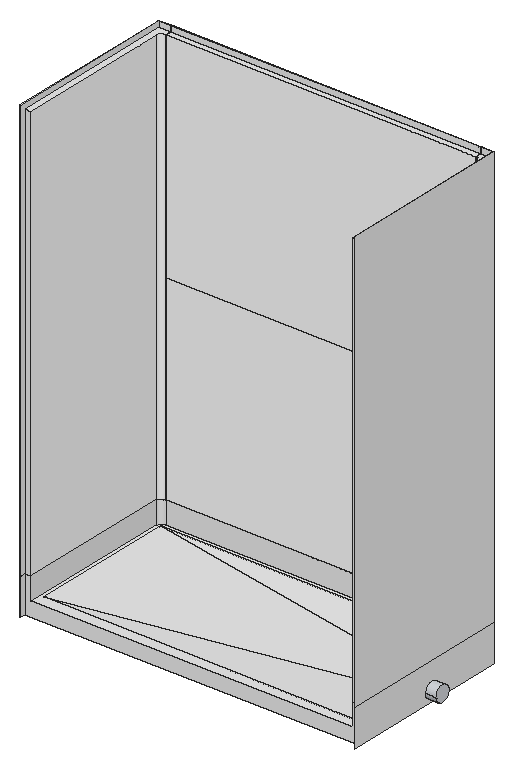
Revit family "5LDS6030FBSD25T,FBSD45T", category Plumbing Fixtures, Revit 2017
Family settings
  Round Connector Dimension = Use Diameter
  Part Type = Normal
  OmniClass Number = 23.45.05.14.17
  OmniClass Title = Showers
  Work Plane-Based = No
  Always vertical = Yes
  Cut with Voids When Loaded = No
  Shared = No
  Room Calculation Point = No
Parameters (values of type "5LBS6030BSD25T")
  Unit Width = 60"
  Unit Height = 82"
  URL = "http://www.bestbath.com/"
  Type Comments = "Barrier Free"
  Threshold Height = 2 1/2"
  Model = "5LBS6030BSD25T"
  Material [instance] = Best Bath Gelcoat Fiberglass - Smooth
  Manufacturer = "Best Bath Systems, Inc."
  Keynote = "22 40 00.B3"
  Description = "Diamond Tile, Traditional Threshold, Side Drain"
  Assembly Code = "D2010710"
Types (3): name | Unit Height | Threshold Height | Model | Material
  (no name) | 82" | 2 1/2" | "5LBS6030BSD25T" | Best Bath Gelcoat Fiberglass - Smooth
  5LBS6030BSD25T | 82" | 2 1/2" | "5LBS6030BSD25T" | Best Bath Gelcoat Fiberglass - Smooth
  5LBS6030BSD45T | 83" | 4 1/2" | "5LBS6030BSD45T" | Best Bath Gelcoat Fiberglass - RealTile
Reference planes (in)
  plane 1: z = 0
  plane 2 "Left": x = 0
  plane 3: z = 81
  plane 4: z = 82
  plane 5: y = 6.36165
  plane 6: y = 36.36165
  plane 7: x = 60
  plane 8: y = 35.11165
  plane 9: y = 22.36165
  plane 10: z = 1.75
  plane 11: z = 2.5
  plane 12: z = 42
  plane 13: z = 6.5
  plane 14: y = 5.36165
  plane 15: z = 46
  plane 16: x = 30
Forms (in)
  Extrusion 1, solid, material "Best Bath Gelcoat Fiberglass - Smooth"
    sketch origin (0, 0, 0) x (1, 0, 0) y (0, 1, 0)
      loop
        line (0, 6.36165) -> (60, 6.36165) -> (60, 36.36165) -> (0, 36.36165) -> (0, 6.36165)
    from 0 to 2.5
  Extrusion 2, solid, material "Best Bath Gelcoat Fiberglass - Smooth" <- "Material"
    sketch origin (0, 0, 0) x (1, 0, 0) y (0, 1, 0)
      loop
        line (2.25, 36.36165) -> (2.25, 35.11165) -> (57.75, 35.11165) -> (57.75, 36.36165) -> (2.25, 36.36165)
    from 6.5 to 42
  Blend 3, void
    base sketch origin (0, 0, 0) x (1, 0, 0) y (0, 1, 0)
      loop
        line (1.875, 8.36165) -> (58.125, 8.36165) -> (58.125, 34.48665) -> (1.875, 34.48665) -> (1.875, 8.36165)
    top sketch origin (0, 0, 0) x (1, 0, 0) y (0, 1, 0)
      loop
        line (54.63611, 25.36165) -> (54.63611, 19.36165) -> (58.125, 19.36165) -> (58.125, 25.36165) -> (54.63611, 25.36165)
    from 2.5 to 1.75
  Extrusion 4, solid, material "Best Bath Gelcoat Fiberglass - Smooth" <- "Material"
    sketch origin (0, 0, 0) x (1, 0, 0) y (0, 1, 0)
      loop
        line (2.25, 36.36165) -> (2.25, 35.11165) -> (57.75, 35.11165) -> (57.75, 36.36165) -> (2.25, 36.36165)
    from 42 to 81
  Extrusion 5, solid, material "Best Bath Gelcoat Fiberglass - Smooth"
    sketch origin (0.25, 0, 0) x (1, 0, 0) y (0, 1, 0)
      loop
        line (-0.25, 6.36165) -> (1, 6.36165) -> (1, 34.11165)
        arc (1, 34.11165) -> (1.29289, 34.81875) -> (2, 35.11165) r 1
        line (2, 35.11165) -> (2, 36.36165) -> (-0.25, 36.36165) -> (-0.25, 6.36165)
      loop
        line (59.75, 6.36165) -> (59.75, 36.36165) -> (57.5, 36.36165) -> (57.5, 35.11165)
        arc (57.5, 35.11165) -> (58.20711, 34.81875) -> (58.5, 34.11165) r 1
        line (58.5, 34.11165) -> (58.5, 6.36165) -> (59.75, 6.36165)
    from 6.5 to 81
  Extrusion 6, solid, material "Best Bath Gelcoat Fiberglass - Smooth"
    sketch origin (0, 0, 0) x (1, 0, 0) y (0, 1, 0)
      loop
        line (0, 36.36165) -> (0, 6.36165) -> (1.25, 6.36165) -> (1.25, 34.11165)
        arc (1.25, 34.11165) -> (1.54289, 34.81875) -> (2.25, 35.11165) r 1
        line (2.25, 35.11165) -> (57.75, 35.11165)
        arc (57.75, 35.11165) -> (58.45711, 34.81875) -> (58.75, 34.11165) r 1
        line (58.75, 34.11165) -> (58.75, 6.36165) -> (60, 6.36165) -> (60, 35.11165) -> (60, 36.36165) -> (0, 36.36165)
    from 0 to 6.5
  Extrusion 7, solid, material "Best Bath Gelcoat Fiberglass - Smooth"
    sketch origin (0, 0, 0) x (1, 0, 0) y (0, 1, 0)
      loop
        line (0, 5.36165) -> (0.125, 5.36165) -> (0.125, 6.36165) -> (0, 6.36165) -> (0, 5.36165)
      loop
        line (60, 5.36165) -> (60, 6.36165) -> (59.875, 6.36165) -> (59.875, 5.36165) -> (60, 5.36165)
    from 0 to 6.5
  Extrusion 8, solid, material "Best Bath Gelcoat Fiberglass - Smooth" <- "Material"
    sketch origin (0, 0, 0) x (1, 0, 0) y (0, 1, 0)
      loop
        line (2.25, 36.36165) -> (2.25, 36.23665) -> (57.75, 36.23665) -> (57.75, 36.36165) -> (2.25, 36.36165)
    from 81 to 82
  Extrusion 9, solid, material "Best Bath Gelcoat Fiberglass - Smooth"
    sketch origin (0, 0, 0) x (1, 0, 0) y (0, 1, 0)
      loop
        line (0.125, 5.36165) -> (0.125, 36.23665) -> (2.25, 36.23665) -> (2.25, 36.36165) -> (0, 36.36165) -> (0, 5.36165) -> (0.125, 5.36165)
      loop
        line (59.875, 5.36165) -> (60, 5.36165) -> (60, 36.36165) -> (57.75, 36.36165) -> (57.75, 36.23665) -> (59.875, 36.23665) -> (59.875, 5.36165)
    from 6.5 to 82
  Extrusion 10, solid
    sketch origin (60, 6.36165, 0) x (0, 1, 0) y (0, 0, 1)
      loop
        circle (16, 2) r 1.375
    from 0 to 2
Cuts and joins
  Blend 3 cuts Extrusion 1
  joined: Extrusion 1, Extrusion 6, Extrusion 7
  joined: Extrusion 4, Extrusion 8
  joined: Extrusion 5, Extrusion 9
Dimensions and locks (in)
  locked: plane 4 to plane 3 at 1
  "Unit Height": plane 4 to level
  plane 2 "Left" to plane 7 = 60"
  "Unit Width": plane 2 "Left" to plane 7
  locked: plane 6 to plane 8 at 1.25
  locked: plane 6 to plane 9 at 14
  "Threshold Height": plane 11 to level
  locked: plane 11 to plane 10 at 0.75
  locked: plane 12 to plane 13 at 35.5
  locked: plane 13 to plane 11 at 4
  locked: plane 5 to plane 14 at 1
  locked: plane 6 to plane 14 at 31
  locked: plane 15 to plane 12 at 4
  Blend 3 sketch curve to Blend 3 sketch curve = 6"
  Extrusion 10 sketch curve to cut or joined group of Extrusion 1, Blend 3, Extrusion 6, Extrusion 7 = 14"
  locked: plane 13 to cut or joined group of Extrusion 1, Blend 3, Extrusion 6, Extrusion 7 at 4
  plane 13 to Extrusion 10 sketch curve = 4 1/2"
  plane 11 to plane 10 = 3/4"
  aligned and locked: level to plane 1
  aligned and locked: Extrusion 1 sketch curve to plane 5
  aligned and locked: Extrusion 1 sketch curve to plane 2 "Left"
  aligned and locked: plane 6 to Extrusion 1 sketch curve
  aligned and locked: Extrusion 1 sketch curve to plane 7
  aligned and locked: plane 12 to Extrusion 2
  aligned and locked: Extrusion 4 to Extrusion 2
  aligned and locked: plane 3 to Extrusion 4
  aligned and locked: plane 3 to Extrusion 5
  aligned and locked: plane 13 to Extrusion 6
  aligned and locked: Extrusion 5 to plane 13
  aligned and locked: Extrusion 2 to plane 13
  aligned and locked: Extrusion 7 to Extrusion 2
  aligned and locked: Extrusion 8 to plane 3
  aligned and locked: plane 4 to Extrusion 8
  aligned and locked: Extrusion 9 to Extrusion 2
  aligned and locked: plane 4 to Extrusion 9
  aligned and locked: Extrusion 1 to Blend 3
  aligned and locked: cut or joined group of Extrusion 1, Blend 3, Extrusion 6, Extrusion 7 to plane 10
Automatic sketch dimensions
  Extrusion 2 sketch curve to plane 8 = 0"
  Extrusion 2 sketch curve to plane 6 = 0"
  plane 2 "Left" to Extrusion 2 sketch curve = 2 1/4"
  plane 7 to Extrusion 2 sketch curve = 2 1/4"
  Blend 3 sketch curve to plane 8 = 5/8"
  plane 2 "Left" to Blend 3 sketch curve = 1 7/8"
  plane 7 to Blend 3 sketch curve = 1 7/8"  (x2)
  plane 5 to Blend 3 sketch curve = 2"
  Extrusion 4 sketch curve to plane 8 = 0"
  Extrusion 4 sketch curve to plane 6 = 0"
  plane 2 "Left" to Extrusion 4 sketch curve = 2 1/4"
  plane 7 to Extrusion 4 sketch curve = 2 1/4"
  Extrusion 5 sketch curve to plane 2 "Left" = 0"
  Extrusion 5 sketch curve to plane 5 = 0"  (x2)
  Extrusion 5 sketch curve to plane 6 = 0"  (x2)
  Extrusion 5 sketch curve to plane 8 = 0"  (x2)
  Extrusion 5 sketch curve to plane 7 = 0"
  Extrusion 5 sketch curve to Extrusion 5 sketch curve = 1 1/4"
  Extrusion 5 sketch curve to Extrusion 5 sketch curve = 1"
  plane 7 to Extrusion 5 sketch curve = 2 1/4"
  plane 7 to Extrusion 5 sketch curve = 1 1/4"
  Extrusion 6 sketch curve to plane 2 "Left" = 0"
  Extrusion 6 sketch curve to plane 5 = 0"  (x2)
  Extrusion 6 sketch curve to plane 8 = 0"  (x2)
  Extrusion 6 sketch curve to plane 7 = 0"
  Extrusion 6 sketch curve to plane 6 = 0"
  Extrusion 6 sketch curve to Extrusion 6 sketch curve = 1 1/4"
  Extrusion 6 sketch curve to Extrusion 6 sketch curve = 1"
  Extrusion 6 sketch curve to plane 8 = 1"
  plane 7 to Extrusion 6 sketch curve = 2 1/4"
  Extrusion 7 sketch curve to plane 2 "Left" = 0"
  Extrusion 7 sketch curve to plane 5 = 0"  (x2)
  Extrusion 7 sketch curve to plane 14 = 0"  (x2)
  Extrusion 7 sketch curve to plane 7 = 0"
  plane 2 "Left" to Extrusion 7 sketch curve = 1/8"
  plane 7 to Extrusion 7 sketch curve = 1/8"
  Extrusion 8 sketch curve to plane 6 = 0"
  Extrusion 8 sketch curve to plane 6 = 1/8"
  plane 2 "Left" to Extrusion 8 sketch curve = 2 1/4"
  plane 7 to Extrusion 8 sketch curve = 2 1/4"
  Extrusion 9 sketch curve to plane 2 "Left" = 0"
  Extrusion 9 sketch curve to plane 14 = 0"  (x2)
  Extrusion 9 sketch curve to plane 6 = 0"  (x2)
  Extrusion 9 sketch curve to plane 7 = 0"
  plane 2 "Left" to Extrusion 9 sketch curve = 1/8"
  Extrusion 9 sketch curve to plane 6 = 1/8"  (x2)
  Extrusion 9 sketch curve to Extrusion 9 sketch curve = 2 1/8"
  plane 7 to Extrusion 9 sketch curve = 2 1/4"
  plane 7 to Extrusion 9 sketch curve = 1/8"
  Blend 3 sketch curve to plane 9 = 3"
  plane 7 to Blend 3 sketch curve = 5.36389"
  radius of Extrusion 10 sketch curve = 1 3/8"
